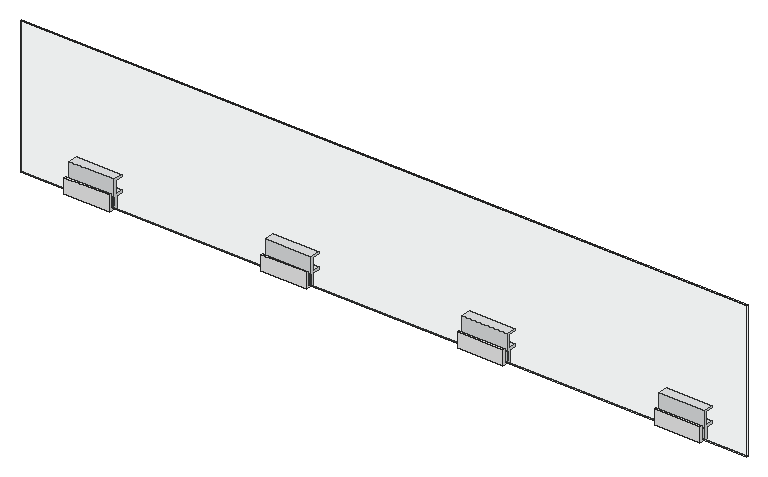
Revit family "Clarus_Divide Thinline_Side Clamp_R19", category Furniture, host Face, Revit 2019
Family settings
  Host = Face
  Cut with Voids When Loaded = No
  Shared = No
  Room Calculation Point = No
Parameters (values of type "6" Clamp - 96" Width")
  Width = 96"
  URL = "https://www.clarus.com/"
  TRC Standards [instance] = "http://therevitcollection.com/news/trc-news-the-revit-collection-standards-explained/"
  SingleArrayVis = Clamp Quantity < 2  # no
  Product URL = "https://www.clarus.com/divide-thinline/"
  MultiArrayVis = not(SingleArrayVis)  # yes
  More Revit Families! [instance] = "www.therevitcollection.com"
  Modeled By = "Commense Studio"  # constant formula
  Model = "Divide ThinLine"  # constant formula
  Max Height = if(Glass Thickness = 1" / 4, 30", if(Glass Thickness = 1" / 2, 20", 30"))  # 30"
  Manufacturer = "Clarus"  # constant formula
  Height Control = if(Height > Max Height, Max Height, Height)  # 18"
  Edge Offset = 6"  # constant formula
  Clarus Clamp [instance] = Clarus White
  Description = "Buckle down on your workspace challenges with Divide ThinLine from Clarus®. This beautifully\r\nengineered desk divider system boasts clean lines that won’t harm your existing offi ce furniture.\r\nSince no drilling is involved and all hardware screws are strategically hidden inside the clamps,\r\nDivide ThinLine seamlessly integrates and reduces visual distractions in your offi ce, all while\r\nmaintaining the overall aesthetic. Using this new patent pending state-of-the-art clamping system,\r\nDivide ThinLine can be easily installed at the back, side or along the center of a desk, giving you the\r\nfreedom to accommodate power cords, monitor arm att achments and more. You have the option to\r\nmix and match ThinLine Top, ThinLine Side and ThinLine Center hardware on the same table, which\r\nallows you to uniquely divide up your offi ce with stability and style."  # constant formula
  Height = 18"
  Designer = ""
  Glass Thickness = 1/4"
  Default Elevation = 0"
  Clarus Glass [instance] = Glass
  Clamp Width = 6"
  Clamp Quantity = 4
  Assembly Code = ""
  Array Control = if(Clamp Quantity < 2, 2, Clamp Quantity)  # 4
Types (11): name | Width | SingleArrayVis | MultiArrayVis | Clarus Clamp | Clamp Width | Clamp Quantity | Array Control
  12" Clamp - 36" Width | 36" | yes | no | Clarus Gray | 12" | 1 | 2
  6" Clamp - 36" Width | 36" | no | yes | Clarus Gray | 6" | 2 | 2
  2 1/2" Clamp - 30" Width | 30" | no | yes | Clarus Gray | 2 1/2" | 2 | 2
  6" Clamp - 66" Width | 66" | no | yes | Clarus Gray | 6" | 3 | 3
  6" Clamp - 96" Width | 96" | no | yes | Clarus White | 6" | 4 | 4
  2 1/2" Clamp - 48" Width | 48" | no | yes | Clarus Gray | 2 1/2" | 3 | 3
  2 1/2" Clamp - 66" Width | 66" | no | yes | Clarus Gray | 2 1/2" | 4 | 4
  2 1/2" Clamp - 84" Width | 84" | no | yes | Clarus Gray | 2 1/2" | 5 | 5
  2 1/2" Clamp - 96" Width | 96" | no | yes | Clarus Gray | 2 1/2" | 6 | 6
  12" Clamp - 72" Width | 72" | no | yes | Clarus Gray | 12" | 2 | 2
  12" Clamp - 96" Width | 96" | no | yes | Clarus Gray | 12" | 3 | 3
Reference planes (in)
  plane 1 "Center (Front/Back)": y = 0
  plane 2: z = 0
  plane 3 "Center (Left/Right)": x = 0
  plane 4 "L": x = -48
  plane 5 "R": x = 48
  plane 6 "F": y = -0.25
  plane 7: z = 15
  plane 8: x = -42
  plane 9: x = 42
  plane 10: z = -3
Forms (in)
  Extrusion 1, solid, material "Glass" <- "Clarus Glass"
    sketch origin (0, 0, 0) x (1, 0, 0) y (0, 1, 0)
      loop
        line (-48, 0) -> (-48, -0.25) -> (48, -0.25) -> (48, 0) -> (-48, 0)
    from -3 to 15
Dimensions and locks (in)
  equal spacing: plane 4 "L", plane 3 "Center (Left/Right)", plane 5 "R"
  "Width": plane 4 "L" to plane 5 "R"
  "Glass Thickness": plane 6 "F" to plane 1 "Center (Front/Back)"
  "Height Control": plane 7 to plane 10
  "Edge Offset": plane 4 "L" to plane 8
  "Edge Offset": plane 5 "R" to plane 9
  equal spacing: group 1, group 3, group 4, group 2  (x3)
  locked: level to plane 10 at 3
  aligned and locked: plane 2 to host face
  aligned and locked: level to host face
  aligned and locked: plane 7 to Extrusion 1
  aligned and locked: plane 3 "Center (Left/Right)" to nested 1
  aligned and locked: nested 2 to plane 8
  aligned and locked: plane 9 to nested 3
  aligned and locked: nested 3 to plane 6 "F"
  aligned and locked: plane 6 "F" to nested 2
  aligned and locked: plane 6 "F" to nested 1
  aligned and locked: plane 10 to Extrusion 1
Automatic sketch dimensions
  host sketch curve to host sketch curve = 96"
  host sketch curve to host sketch curve = 47 1/2"
  Extrusion 1 sketch curve to plane 4 "L" = 0"
  Extrusion 1 sketch curve to plane 5 "R" = 0"
  plane 6 "F" to Extrusion 1 sketch curve = 0"
  plane 1 "Center (Front/Back)" to Extrusion 1 sketch curve = 0"
Nested families (in)
  nested 1: "Thinline Side Clamp_R18" at (0, 1.5, 0), Core Finish <- "Clarus Clamp", visible <- "SingleArrayVis", type "Thinline Side Clamp_R18"
    with TRC Standards "http://therevitcollection.com/news/trc-news-the-revit-collection-standards-explained/", More Revit Families! "www.therevitcollection.com", Core Finish Clarus White
  nested 2: "Thinline Side Clamp_R18" at (-39, 1.5, 0), Core Finish <- "Clarus Clamp", visible <- "MultiArrayVis", type "Thinline Side Clamp_R18"
    with TRC Standards "http://therevitcollection.com/news/trc-news-the-revit-collection-standards-explained/", More Revit Families! "www.therevitcollection.com", Core Finish Clarus White
  nested 3: "Thinline Side Clamp_R18" at (39, 1.5, 0), Core Finish <- "Clarus Clamp", visible <- "MultiArrayVis", type "Thinline Side Clamp_R18"
    with TRC Standards "http://therevitcollection.com/news/trc-news-the-revit-collection-standards-explained/", More Revit Families! "www.therevitcollection.com", Core Finish Clarus White
  nested 4: "Thinline Side Clamp_R18" at (-13, 1.5, 0), Core Finish <- "Clarus Clamp", visible <- "MultiArrayVis", type "Thinline Side Clamp_R18"
    with TRC Standards "http://therevitcollection.com/news/trc-news-the-revit-collection-standards-explained/", More Revit Families! "www.therevitcollection.com", Core Finish Clarus White
  nested 5: "Thinline Side Clamp_R18" at (13, 1.5, 0), Core Finish <- "Clarus Clamp", visible <- "MultiArrayVis", type "Thinline Side Clamp_R18"
    with TRC Standards "http://therevitcollection.com/news/trc-news-the-revit-collection-standards-explained/", More Revit Families! "www.therevitcollection.com", Core Finish Clarus White
Definition of nested family "Thinline Side Clamp_R18"
  Parameters (values of type "Thinline Side Clamp_R18")
    Width = 6"
    URL = "https://www.clarus.com/"
    TRC Standards [instance] = "http://therevitcollection.com/news/trc-news-the-revit-collection-standards-explained/"
    Product URL = "https://www.clarus.com/be-shield/"
    More Revit Families! [instance] = "www.therevitcollection.com"
    Modeled By = "Commense Studio"  # constant formula
    Model = "be! Shield"  # constant formula
    Manufacturer = "Clarus"  # constant formula
    Glass Thickness = 1/4"
    Core Finish [instance] = none
    Description = "be! Shield Leg Configs"  # constant formula
    Height = 4 7/16"
    Designer = ""
    Depth = 2"
    Default Elevation = 0"
    Assembly Code = ""
  Reference planes (in)
    plane 1 "Center (Front/Back)": y = 0
    plane 2: z = 0
    plane 3 "Center (Left/Right)": x = 0
    plane 4 "L": x = -3
    plane 5 "R": x = 3
    plane 6 "F": y = -2
    plane 7: y = -1.75
    plane 8: y = -1.5
    plane 9: y = -1.40625
    plane 10: z = -3.25
    plane 11: z = 0.25
  Forms (in)
    Extrusion 1, solid
      sketch origin (0, 0, 0) x (1, 0, 0) y (0, 1, 0)
        loop
          line (-48, 48) -> (-48, -48) -> (48, -48) -> (48, 48) -> (-48, 48)
      from 0 to -12
    Extrusion 2, solid, material <- "Core Finish"
      sketch origin (10.61611, 0, 0) x (0, 0, 1) y (0, -1, 0)
        loop
          line (-1.8125, 1.125) -> (-3, 1.125) -> (-3, 1.75) -> (-1.3125, 1.75) -> (-1.3125, 2) -> (-3.25, 2) -> (-3.25, 0.875) -> (-1.875, 0.875) -> (-1.875, 0) -> (-1.5625, 0) -> (-1.5625, 1) -> (0, 1) -> (0, 0) -> (0.25, 0) -> (0.25, 1.25) -> (-1.8125, 1.25) -> (-1.8125, 1.125)
        loop
          line (-2.9375, 1.40625) -> (-1.875, 1.40625) -> (-1.875, 1.5) -> (-2.9375, 1.5) -> (-2.9375, 1.40625)
      from -13.61611 to -7.61611
  Dimensions and locks (in)
    equal spacing: plane 4 "L", plane 3 "Center (Left/Right)", plane 5 "R"
    "Width": plane 4 "L" to plane 5 "R"
    "Depth": plane 6 "F" to plane 1 "Center (Front/Back)"
    locked: plane 6 "F" to plane 7 at 0.25
    "Glass Thickness": plane 7 to plane 8
    plane 8 to plane 9 = 3/32"
    plane 6 "F" to plane 1 "Center (Front/Back)" = 2"
    aligned and locked: plane 2 to Extrusion 1
    aligned and locked: level to Extrusion 1
    aligned and locked: plane 5 "R" to Extrusion 2
    aligned and locked: Extrusion 2 to plane 4 "L"
    aligned and locked: Extrusion 2 sketch curve to plane 8
    aligned and locked: plane 9 to Extrusion 2 sketch curve
  Automatic sketch dimensions
    Extrusion 1 sketch curve to Extrusion 1 sketch curve = 96"  (x2)
    Extrusion 2 sketch curve to plane 10 = 0"
    Extrusion 2 sketch curve to plane 7 = 0"
    Extrusion 2 sketch curve to plane 1 "Center (Front/Back)" = 0"  (x2)
    Extrusion 2 sketch curve to plane 6 "F" = 0"
    Extrusion 2 sketch curve to level = 0"
    plane 11 to Extrusion 2 sketch curve = 0"
    plane 10 to Extrusion 2 sketch curve = 1/4"
    Extrusion 2 sketch curve to Extrusion 2 sketch curve = 1/16"  (x2)
    Extrusion 2 sketch curve to Extrusion 2 sketch curve = 1 1/16"
    Extrusion 2 sketch curve to Extrusion 2 sketch curve = 0"
    Extrusion 2 sketch curve to Extrusion 2 sketch curve = 1/4"  (x2)
    Extrusion 2 sketch curve to Extrusion 2 sketch curve = 9/16"
    plane 9 to Extrusion 2 sketch curve = 17/32"
    plane 9 to Extrusion 2 sketch curve = 13/32"
    plane 9 to Extrusion 2 sketch curve = 5/32"
